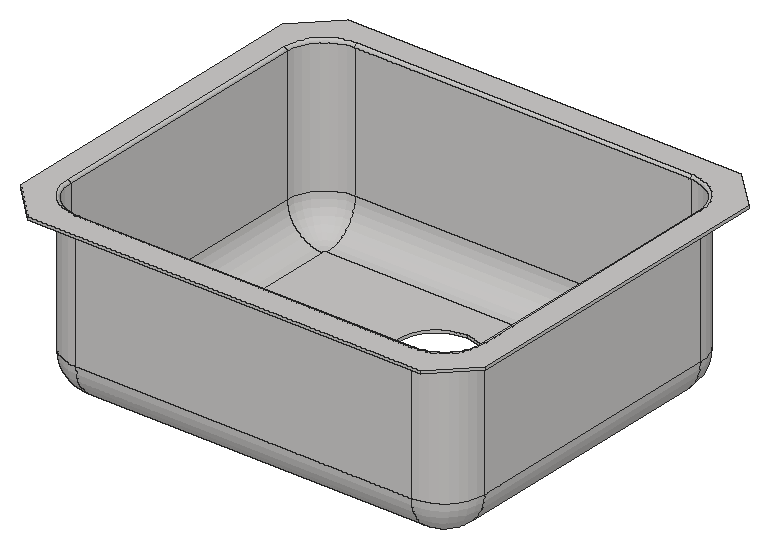
Revit family "Sink-Undermount-Acorn-SU-1916-80", category Plumbing Fixtures, host Face, Revit 2019
Family settings
  Host = Face
  Round Connector Dimension = Use Diameter
  Part Type = Normal
  OmniClass Number = 23.45.05.14.14
  OmniClass Title = Sinks/Lavatories
  Cut with Voids When Loaded = No
  Shared = Yes
  Room Calculation Point = No
Parameters (values of type "SU-1916-80")
  cUPC Compliant = yes
  Width = 21 1/2"  # constant formula
  Waste Connection = no
  WFU = 4  # constant formula
  Vent Connection = no
  URL = "https://www.acorneng.com/home"
  Type Comments = ""
  Product Page URL = "https://www.acorneng.com/acorn-sinks-undermount-su-1916"
  Product Documentation Link = "https://www.acorneng.com/uploads/fileLibrary/SU-1916_pkt.pdf"
  Model = "SU-1916-80"
  Manufacturer = "Acorn"
  Length = 18 1/2"  # constant formula
  Countertop Thickness = 1/2"
  -80 8” Deep Bowl = yes
  Installation Type = "Undermount"  # constant formula
  HWFU = 3  # constant formula
  HW Connection = no
  Finish = Stainless Steel-18 Gauge-Type 304-Acorn-Satin
  Drain Size = 3 1/2"  # constant formula
  Description = "Acorn-Sinks® Stainless Steel Undermount Sink, 19\" x 16\""
  Default Elevation = 34"
  Creation Date = "11/14/2024"
  Compliance Certifications = "ASME A112.19.3/CSA B45.4, IAPMO® Certified for Conformance with Uniform Plumbing Code (UPC ), International Plumbing Code (IPC ), National Plumbing Code of Canada (NPC )"
  CWFU = 3  # constant formula
  CW Connection = no
  Sink Bowl Width = 19"  # constant formula
  Sink Bowl Length = 16"  # constant formula
  Sink Bowl Depth = 8"  # constant formula
  Assembly Code = "D2010440"
Reference planes (in)
  plane 1 "Center (Front/Back)": y = 0
  plane 2 "Counter": z = 0
  plane 3 "Center (Left/Right)": x = 0
  plane 4: x = -10.75
  plane 5: x = 10.75
  plane 6: y = -18.5
  plane 7: y = -1.25
  plane 8: z = -8.5
  plane 9: y = -17.25
  plane 10: y = -6.25
  plane 11: x = -9.5
  plane 12: x = 9.5
  plane 13: y = -17.75
  plane 14 "Sink": z = -0.5
  plane 15: x = -10
Forms (in)
  Extrusion 1, solid, material "Stainless Steel-18 Gauge-Type 304-Acorn-Satin" <- "Finish"
    sketch origin (0, 0, -1.625) x (-1, 0, 0) y (0, -1, 0)
      loop
        line (9.07583, 18.5) -> (-9.07583, 18.5) -> (-10.75, 16.82583) -> (-10.75, 1.67417) -> (-9.07583, 0) -> (9.07583, 0) -> (10.75, 1.67417) -> (10.75, 16.82583) -> (9.07583, 18.5)
      loop
        arc (-9.75, 3) -> (-9.16421, 1.58579) -> (-7.75, 1) r 2
        line (-7.75, 1) -> (7.75, 1)
        arc (7.75, 1) -> (9.16421, 1.58579) -> (9.75, 3) r 2
        line (9.75, 3) -> (9.75, 15.5)
        arc (9.75, 15.5) -> (9.16421, 16.91421) -> (7.75, 17.5) r 2
        line (7.75, 17.5) -> (-7.75, 17.5)
        arc (-7.75, 17.5) -> (-9.16421, 16.91421) -> (-9.75, 15.5) r 2
        line (-9.75, 15.5) -> (-9.75, 3)
    from 1.125 to 1
  Sweep 2, solid, material "Stainless Steel-18 Gauge-Type 304-Acorn-Satin" <- "Finish"
    path origin (0, 0, -0.5) x (-1, 0, 0) y (0, -1, 0)
      loop
        line (7.75, 17.25) -> (-7.75, 17.25)
        arc (-7.75, 17.25) -> (-8.98744, 16.73744) -> (-9.5, 15.5) r 1.75
        line (-9.5, 15.5) -> (-9.5, 3)
        arc (-9.5, 3) -> (-8.98744, 1.76256) -> (-7.75, 1.25) r 1.75
        line (-7.75, 1.25) -> (7.75, 1.25)
        arc (7.75, 1.25) -> (8.98744, 1.76256) -> (9.5, 3) r 1.75
        line (9.5, 3) -> (9.5, 15.5)
        arc (9.5, 15.5) -> (8.98744, 16.73744) -> (7.75, 17.25) r 1.75
    profile origin (0, -17.25, -0.5) x (0, 1, 0) y (0, 0, 1)
      loop
        line (-0.125, 0) -> (-0.25, 0) -> (-0.25, -0.125) -> (-0.125, -0.125) -> (-0.125, -6.25)
        arc (-0.125, -6.25) -> (0.38756, -7.48744) -> (1.625, -8) r 1.75
        line (1.625, -8) -> (1.65625, -8) -> (1.65625, -7.875) -> (1.625, -7.875)
        arc (1.625, -7.875) -> (0.47595, -7.39905) -> (0, -6.25) r 1.625
        line (0, -6.25) -> (0, -0.125)
        arc (0, -0.125) -> (-0.03661, -0.03661) -> (-0.125, 0) r 0.125
  Extrusion 3, solid, material "Stainless Steel-18 Gauge-Type 304-Acorn-Satin" <- "Finish"
    sketch origin (-7.75, -15.59375, -8.5) x (0, -1, 0) y (-1, 0, 0)
      loop
        arc (-0.09375, -15.59375) -> (-0.02746, -15.56629) -> (0, -15.5) r 0.09375
        line (0, -15.5) -> (0, 0)
        arc (0, 0) -> (-0.02746, 0.06629) -> (-0.09375, 0.09375) r 0.09375
        line (-0.09375, 0.09375) -> (-12.59375, 0.09375)
        arc (-12.59375, 0.09375) -> (-12.66004, 0.06629) -> (-12.6875, 0) r 0.09375
        line (-12.6875, 0) -> (-12.6875, -15.5)
        arc (-12.6875, -15.5) -> (-12.66004, -15.56629) -> (-12.59375, -15.59375) r 0.09375
        line (-12.59375, -15.59375) -> (-0.09375, -15.59375)
      loop
        circle (-9.34375, -7.75) r 1.75
    from -0.125 to 0
  Extrusion 4, void
    sketch origin (0, 0, -0.5) x (-1, 0, 0) y (0, -1, 0)
      loop
        line (10, 3) -> (10, 15.5)
        arc (10, 15.5) -> (9.34099, 17.09099) -> (7.75, 17.75) r 2.25
        line (7.75, 17.75) -> (-7.75, 17.75)
        arc (-7.75, 17.75) -> (-9.34099, 17.09099) -> (-10, 15.5) r 2.25
        line (-10, 15.5) -> (-10, 3)
        arc (-10, 3) -> (-9.34099, 1.40901) -> (-7.75, 0.75) r 2.25
        line (-7.75, 0.75) -> (7.75, 0.75)
        arc (7.75, 0.75) -> (9.34099, 1.40901) -> (10, 3) r 2.25
    from -8 to 0.5
Cuts and joins
  joined: Extrusion 1, Sweep 2, Extrusion 3
Dimensions and locks (in)
  equal spacing: plane 4, plane 3 "Center (Left/Right)", plane 5
  "Length": plane 6 to plane 1 "Center (Front/Back)"
  plane 7 to plane 10 = 5"
  equal spacing: plane 11, plane 3 "Center (Left/Right)", plane 12
  "Sink Bowl Length": plane 7 to plane 9
  "Width": plane 4 to plane 5
  "Sink Bowl Width": plane 11 to plane 12
  equal spacing: Extrusion 3 sketch curve, Extrusion 3 sketch curve, Extrusion 3 sketch curve
  locked: Sweep 2 sketch curve to Sweep 2 sketch curve at 0.125
  "Sink Bowl Depth": plane 14 "Sink" to plane 8
  "Countertop Thickness": level to plane 14 "Sink"
  locked: cut or joined group of Extrusion 1, Sweep 2, Extrusion 3 to cut or joined group of Extrusion 1, Sweep 2, Extrusion 3 at 0.125
  plane 9 to plane 13 = 1/2"
  plane 15 to plane 11 = 1/2"
  locked: Extrusion 3 sketch curve to Extrusion 3 sketch curve (diameter 3 1/2")
  radius of Sweep 2 sketch curve = 1 3/4"  (x4)
  diameter of cut or joined group of Extrusion 1, Sweep 2, Extrusion 3 = 3 1/2"
  aligned and locked: host face to plane 2 "Counter"
  aligned and locked: host face to level
  aligned and locked: plane 6 to Extrusion 1 sketch curve
  aligned and locked: plane 4 to Extrusion 1 sketch curve
  aligned and locked: plane 1 "Center (Front/Back)" to Extrusion 1 sketch curve
  aligned and locked: Extrusion 1 sketch curve to plane 5
  aligned and locked: Extrusion 3 sketch curve to Sweep 2  (x2)
  aligned and locked: Extrusion 3 to Sweep 2
  aligned and locked: Sweep 2 sketch curve to plane 11
  aligned and locked: plane 12 to Sweep 2 sketch curve
  aligned and locked: Extrusion 1 sketch curve to Sweep 2  (x4)
  aligned and locked: Sweep 2 sketch curve to plane 14 "Sink"
  aligned and locked: Sweep 2 sketch curve to plane 8
  aligned and locked: cut or joined group of Extrusion 1, Sweep 2, Extrusion 3 to plane 14 "Sink"
  aligned and locked: level to Extrusion 4
  aligned and locked: Extrusion 4 to plane 8
Automatic sketch dimensions
  host sketch curve to host sketch curve = 161.60125"
  host sketch curve to host sketch curve = 96"
  Sweep 2 sketch curve to Sweep 2 sketch curve = 0"  (x4)
  Sweep 2 sketch curve to profile plane = 0"
  Sweep 2 sketch curve to Sweep 2 sketch curve = 1/8"
  Sweep 2 sketch curve to profile plane = 1 5/8"
  Sweep 2 sketch curve to Sweep 2 sketch curve = 1/32"
  Extrusion 3 sketch curve to plane 3 "Center (Left/Right)" = 0"
  Extrusion 3 sketch curve to plane 10 = 0"
  Extrusion 3 sketch curve to Extrusion 3 sketch curve = 3/32"  (x2)
  Sweep 2 sketch curve to plane 7 = 0"
  Sweep 2 sketch curve to plane 9 = 0"
  plane 12 to Extrusion 1 sketch curve = 0.42417"  (x2)
  plane 11 to Extrusion 1 sketch curve = 0.42417"  (x2)
  Extrusion 1 sketch curve to plane 7 = 0.42417"  (x2)
  plane 9 to Extrusion 1 sketch curve = 0.42417"  (x2)
  Extrusion 4 sketch curve to plane 12 = 1/2"
  Extrusion 4 sketch curve to Extrusion 4 sketch curve = 2 1/4"  (x2)
  plane 11 to Extrusion 4 sketch curve = 1 3/4"  (x2)
  plane 7 to Extrusion 4 sketch curve = 1/2"
  Extrusion 4 sketch curve to plane 15 = 0"
  Extrusion 4 sketch curve to plane 13 = 0"
